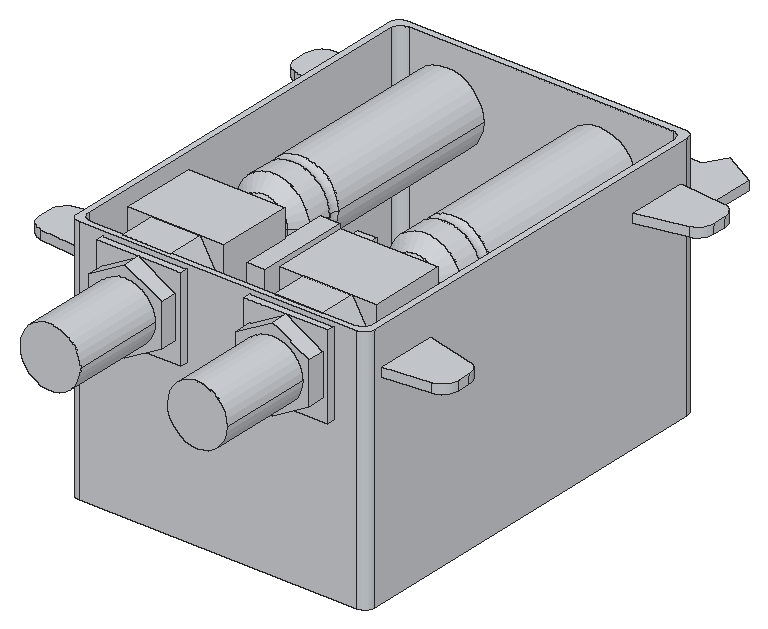
Revit family
Parameters
  Waste Connection = no
  Outlet Connector Type = ""
  Inlet Connector Type = ""
  Frame Visibility [instance] = no
  Default Elevation = 40.00"
Reference planes (in)
  plane 1 "Center (Front/Back)": y = 0
  plane 2: z = 0
  plane 3 "Center (Left/Right)": x = 0
Forms (in)
  Extrusion 1, solid, not visible
    sketch origin (0, 0, 0) x (1, 0, 0) y (0, 1, 0)
      loop
        line (-48, 48) -> (-48, -48) -> (48, -48) -> (48, 48) -> (-48, 48)
    from 0 to -12
  Extrusion 2, solid
    sketch origin (-7.70397, -2.8125, -0.625) x (1, 0, 0) y (0, 1, 0)
      loop
        line (9.74457, 5.38) -> (9.74457, 4.5495) -> (10.41144, 4.7033)
        arc (10.41144, 4.7033) -> (10.53349, 4.78027) -> (10.58107, 4.9165) r 0.2188
        line (10.58107, 4.9165) -> (10.58107, 5.0987)
        arc (10.58107, 5.0987) -> (10.52446, 5.24556) -> (10.38392, 5.31643) r 0.2188
        line (10.38392, 5.31643) -> (9.74457, 5.38)
    from 0 to 0.125
  Extrusion 3, solid
    sketch origin (7.70397, -2.8125, -0.625) x (-1, 0, 0) y (0, -1, 0)
      loop
        line (9.74457, -5.38) -> (10.38392, -5.31643)
        arc (10.38392, -5.31643) -> (10.52446, -5.24556) -> (10.58107, -5.0987) r 0.2188
        line (10.58107, -5.0987) -> (10.58107, -4.9165)
        arc (10.58107, -4.9165) -> (10.53349, -4.78027) -> (10.41144, -4.7033) r 0.2188
        line (10.41144, -4.7033) -> (9.74457, -4.5495) -> (9.74457, -5.38)
    from 0 to 0.125
  Extrusion 4, solid
    sketch origin (-7.70397, 2.8125, -0.625) x (1, 0, 0) y (0, 1, 0)
      loop
        line (9.74457, -5.38) -> (10.38392, -5.31643)
        arc (10.38392, -5.31643) -> (10.52446, -5.24556) -> (10.58107, -5.0987) r 0.2188
        line (10.58107, -5.0987) -> (10.58107, -4.9165)
        arc (10.58107, -4.9165) -> (10.53349, -4.78027) -> (10.41144, -4.7033) r 0.2188
        line (10.41144, -4.7033) -> (9.74457, -4.5495) -> (9.74457, -5.38)
    from 0 to 0.125
  Extrusion 5, solid
    sketch origin (7.70397, 2.8125, -0.625) x (-1, 0, 0) y (0, -1, 0)
      loop
        line (9.74457, 5.38) -> (9.74457, 4.5495) -> (10.41144, 4.7033)
        arc (10.41144, 4.7033) -> (10.53349, 4.78027) -> (10.58107, 4.9165) r 0.2188
        line (10.58107, 4.9165) -> (10.58107, 5.0987)
        arc (10.58107, 5.0987) -> (10.52446, 5.24556) -> (10.38392, 5.31643) r 0.2188
        line (10.38392, 5.31643) -> (9.74457, 5.38)
    from 0 to 0.125
  Extrusion 6, void
    sketch origin (0, -2.8125, -3.75) x (1, 0, 0) y (0, 1, 0)
      loop
        arc (-1.81428, 5.535) -> (-1.91067, 5.49507) -> (-1.9506, 5.39868) r 0.13632
        line (-1.9506, 5.39868) -> (-1.9506, 0.21279)
        arc (-1.9506, 0.21279) -> (-1.91067, 0.11639) -> (-1.81428, 0.07647) r 0.13632
        line (-1.81428, 0.07647) -> (1.81428, 0.07647)
        arc (1.81428, 0.07647) -> (1.91067, 0.11639) -> (1.9506, 0.21279) r 0.13632
        line (1.9506, 0.21279) -> (1.9506, 5.39868)
        arc (1.9506, 5.39868) -> (1.91067, 5.49507) -> (1.81428, 5.535) r 0.13632
        line (1.81428, 5.535) -> (-1.81428, 5.535)
    from 0.47737 to 3.75
  Extrusion 7, solid
    sketch origin (7, -2.8125, -3.75) x (1, 0, 0) y (0, 1, 0)
      loop
        arc (-8.90741, 5.625) -> (-9.00159, 5.58599) -> (-9.0406, 5.49181) r 0.13319
        line (-9.0406, 5.49181) -> (-9.0406, 0.13319)
        arc (-9.0406, 0.13319) -> (-9.00159, 0.03901) -> (-8.90741, 0) r 0.13319
        line (-8.90741, 0) -> (-5.09259, 0)
        arc (-5.09259, 0) -> (-4.99841, 0.03901) -> (-4.9594, 0.13319) r 0.13319
        line (-4.9594, 0.13319) -> (-4.9594, 5.49181)
        arc (-4.9594, 5.49181) -> (-4.99841, 5.58599) -> (-5.09259, 5.625) r 0.13319
        line (-5.09259, 5.625) -> (-8.90741, 5.625)
    from 0.33616 to 3.75
  Extrusion 8, solid
    sketch origin (7, -2.8125, -4.09216) x (1, 0, 0) y (0, 1, 0)
      loop
        line (-8.5603, 6.3475) -> (-8.7288, 6.62451) -> (-9.1936, 6.35561) -> (-9.1936, 5.62871) -> (-9.0406, 5.47571) -> (-8.85627, 5.625) -> (-5.10627, 5.625) -> (-4.95819, 5.47692) -> (-4.8064, 5.62871) -> (-4.8064, 6.35561) -> (-5.2712, 6.62451) -> (-5.4397, 6.3475) -> (-8.5603, 6.3475)
    from 3.125 to 3.25
  Extrusion 9, solid
    sketch origin (-1.75, -1.806, -2.99004) x (1, 0, 0) y (0, 0, 1)
      loop
        line (3.4606, 2.99004) -> (2.1306, 2.99004) -> (2.1306, 1.83823) -> (3.4606, 1.83823) -> (3.4606, 2.99004)
    from -0.61996 to 0.42904
  Extrusion 10, solid
    sketch origin (-1.75, -1.806, -3.43713) x (1, 0, 0) y (0, 0, 1)
      loop
        line (3.4606, 2.86123) -> (3.1281, 3.43713) -> (2.4631, 3.43713) -> (2.1306, 2.86123) -> (2.4631, 2.28532) -> (3.1281, 2.28532) -> (3.4606, 2.86123)
    from 0.42904 to 0.93004
  Extrusion 11, solid
    sketch origin (0.3029, 0, -0.77554) x (1, 0, 0) y (0, 1, 0)
      loop
        line (0.0777, -1.86103) -> (0.0777, -0.57103) -> (-0.1823, -0.57103) -> (-0.1823, -1.86103) -> (0.0777, -1.86103)
    from 0 to 0.39927
  Extrusion 12, solid
    sketch origin (1.75, -1.806, -2.99004) x (-1, 0, 0) y (0, 0, -1)
      loop
        line (3.4606, -2.99004) -> (3.4606, -1.83823) -> (2.1306, -1.83823) -> (2.1306, -2.99004) -> (3.4606, -2.99004)
    from -0.61996 to 0.42904
  Extrusion 13, solid
    sketch origin (1.75, -1.806, -3.43713) x (-1, 0, 0) y (0, 0, -1)
      loop
        line (3.4606, -2.86123) -> (3.1281, -2.28532) -> (2.4631, -2.28532) -> (2.1306, -2.86123) -> (2.4631, -3.43713) -> (3.1281, -3.43713) -> (3.4606, -2.86123)
    from 0.42904 to 0.93004
  Extrusion 14, solid
    sketch origin (-0.3029, 0, -0.77554) x (-1, 0, 0) y (0, -1, 0)
      loop
        line (0.0777, 1.86103) -> (-0.1823, 1.86103) -> (-0.1823, 0.57103) -> (0.0777, 0.57103) -> (0.0777, 1.86103)
    from 0 to 0.4
  Extrusion 15, solid
    sketch origin (-0.65625, 0, 0) x (1, 0, 0) y (0, 0, 1)
      loop
        line (0.22268, -0.0625) -> (-0.92732, -0.0625) -> (-0.92732, -1.21223) -> (0.22268, -1.21223) -> (0.22268, -0.0625)
    from 2.8125 to 2.9125
  Extrusion 16, solid
    sketch origin (0.65625, 0, 0) x (-1, 0, 0) y (0, 0, -1)
      loop
        line (0.22268, 0.0625) -> (0.22268, 1.21223) -> (-0.92732, 1.21223) -> (-0.92732, 0.0625) -> (0.22268, 0.0625)
    from 2.8125 to 2.9125
  Extrusion 17, solid
    sketch origin (0, 0, 0) x (1, 0, 0) y (0, 0, 1)
      loop
        line (-1.0117, -0.0625) -> (-1.50955, -0.34993) -> (-1.50955, -0.9248) -> (-1.0117, -1.21223) -> (-0.51385, -0.9248) -> (-0.51385, -0.34993) -> (-1.0117, -0.0625)
    from 2.9125 to 3.1475
  Extrusion 18, solid
    sketch origin (0, 0, 0) x (-1, 0, 0) y (0, 0, -1)
      loop
        line (-1.0117, 0.0625) -> (-0.51385, 0.34993) -> (-0.51385, 0.9248) -> (-1.0117, 1.21223) -> (-1.50955, 0.9248) -> (-1.50955, 0.34993) -> (-1.0117, 0.0625)
    from 2.9125 to 3.1475
  Extrusion 19, solid
    sketch origin (0, 0, 0) x (1, 0, 0) y (0, 0, 1)
      loop
        circle (-1.0117, -0.63736) r 0.4125
    from 4.42992 to 3.1475
  Extrusion 20, solid
    sketch origin (0, 0, 0) x (-1, 0, 0) y (0, 0, -1)
      loop
        circle (-1.0117, 0.63736) r 0.4125
    from 4.42992 to 3.1475
  Revolve 21, solid
    sketch origin (0, 0, -0.59375) x (1, 0, 0) y (0, 1, 0)
      loop
        line (-1.37372, -1.18603) -> (-1.0456, -1.18603) -> (-1.0456, 2.55068)
        arc (-1.0456, 2.55068) -> (-1.30667, 2.51883) -> (-1.54869, 2.41588) r 0.93975
        line (-1.54869, 2.41588) -> (-1.54869, -0.06815)
        arc (-1.54869, -0.06815) -> (-1.51935, -0.14571) -> (-1.54869, -0.22328) r 0.11721
        line (-1.54869, -0.22328) -> (-1.54869, -0.55818) -> (-1.37372, -0.73314) -> (-1.37372, -1.18603)
      axis (-1.0456, -1.18603) -> (-1.0456, 2.55068)
    angle from 0 to 360
  Revolve 22, solid
    sketch origin (0, 0, -0.59375) x (-1, 0, 0) y (0, 1, 0)
      loop
        line (-1.37372, -1.18603) -> (-1.0456, -1.18603) -> (-1.0456, 2.55068)
        arc (-1.0456, 2.55068) -> (-1.30667, 2.51883) -> (-1.54869, 2.41588) r 0.93975
        line (-1.54869, 2.41588) -> (-1.54869, -0.06815)
        arc (-1.54869, -0.06815) -> (-1.51935, -0.14571) -> (-1.54869, -0.22328) r 0.11721
        line (-1.54869, -0.22328) -> (-1.54869, -0.55818) -> (-1.37372, -0.73314) -> (-1.37372, -1.18603)
      axis (-1.0456, -1.18603) -> (-1.0456, 2.55068)
    angle from 0 to 360
  Sweep 23, solid, not visible
    path origin (0, 0, 0) x (1, 0, 0) y (0, 0, 1)
      loop
        line (-1.7174, 2.5401) -> (-1.7174, -2.5401) -> (1.7174, -2.5401) -> (1.7174, 2.5401) -> (-1.7174, 2.5401)
    profile origin (-1.7174, 0, 0) x (0, -1, 0) y (1, 0, 0)
      loop
        line (0, 0) -> (0, -1.1782) -> (0.125, -1.1782)
        arc (0.125, -1.1782) -> (0.18244, -0.8066) -> (0.29371, -0.44742) r 2.55875
        arc (0.29371, -0.44742) -> (0.35615, -0.22767) -> (0.375, 0) r 1.17785
        line (0.375, 0) -> (0, 0)
  Sweep 24, solid, visible <- "Frame Visibility"
    path origin (0, 0, 0) x (1, 0, 0) y (0, 1, 0)
      loop
        line (-1.7174, 2.5401) -> (-1.7174, -2.5401) -> (1.7174, -2.5401) -> (1.7174, 2.5401) -> (-1.7174, 2.5401)
    profile origin (-1.7174, 0, 0) x (1, 0, 0) y (0, 0, 1)
      loop
        line (0, 0) -> (0, 0.375)
        arc (0, 0.375) -> (-0.22767, 0.35615) -> (-0.44742, 0.29371) r 1.17785
        arc (-0.44742, 0.29371) -> (-0.8066, 0.18244) -> (-1.1782, 0.125) r 2.55875
        line (-1.1782, 0.125) -> (-1.1782, 0) -> (0, 0)
Cuts and joins
  Extrusion 6 cuts Extrusion 7
Lines and regions (in)
  model lines
    curve 1: circle (2.6206, 2.1725, -0.5) r 0.09 normal (0, 0, 1)
    curve 2: circle (-2.6206, 2.1725, -0.5) r 0.09 normal (0, 0, -1)
    curve 3: circle (2.6206, -2.1725, -0.5) r 0.09 normal (0, 0, -1)
    curve 4: circle (-2.6206, -2.1725, -0.5) r 0.09 normal (0, 0, 1)
    curve 5: line (-0.2884, 2.8125, -0.84216) -> (-0.2884, 3.535, -0.84216)
    curve 6: line (0.3116, 2.8125, -0.84216) -> (0.3116, 3.535, -0.84216)
    curve 7: line (0.9116, 2.8125, -0.84216) -> (0.9116, 3.535, -0.84216)
    curve 8: line (-0.8884, 2.8125, -0.84216) -> (-0.8884, 3.535, -0.84216)
    curve 9: line (-1.4884, 2.8125, -0.84216) -> (-1.4884, 3.535, -0.84216)
    curve 10: line (1.5116, 2.8125, -0.84216) -> (1.5116, 3.535, -0.84216)
    curve 11: line (-1.6414, 2.8125, -0.84216) -> (-1.6414, 3.535, -0.84216)
    curve 12: line (-1.5603, 3.535, -0.84216) -> (-1.6414, 3.535, -0.84216)
    curve 13: line (-1.6414, 3.535, -0.84216) -> (-1.70032, 3.31511, -0.84216)
    curve 14: line (-1.70032, 3.31511, -0.84216) -> (-2.1936, 3.10261, -0.84216)
    curve 15: line (1.5603, 3.535, -0.84216) -> (1.6414, 3.535, -0.84216)
    curve 16: line (1.6414, 3.535, -0.84216) -> (1.70032, 3.31511, -0.84216)
    curve 17: line (1.70032, 3.31511, -0.84216) -> (2.1936, 3.10261, -0.84216)
    curve 18: line (-1.8226, 3.55987, -0.84216) -> (-1.8226, 3.37958, -0.84216)
    curve 19: line (-1.8226, 3.37958, -0.84216) -> (-2.00154, 3.3025, -0.84216)
    curve 20: line (-2.00154, 3.3025, -0.84216) -> (-2.00154, 3.48278, -0.84216)
    curve 21: line (-1.8226, 3.55987, -0.84216) -> (-2.00154, 3.48278, -0.84216)
    curve 22: line (1.8226, 3.55987, -0.84216) -> (1.8226, 3.37958, -0.84216)
    curve 23: line (1.8226, 3.37958, -0.84216) -> (2.00154, 3.3025, -0.84216)
    curve 24: line (2.00154, 3.3025, -0.84216) -> (2.00154, 3.48278, -0.84216)
    curve 25: line (1.8226, 3.55987, -0.84216) -> (2.00154, 3.48278, -0.84216)
    curve 26: circle (-1.0456, -1.7116, 0) r 0.45 normal (0, 0, 1)
    curve 27: circle (-1.0456, -1.7116, 0) r 0.1875 normal (0, 0, 1)
    curve 28: circle (1.0456, -1.7116, 0) r 0.45 normal (0, 0, -1)
    curve 29: circle (1.0456, -1.7116, 0) r 0.1875 normal (0, 0, -1)
    curve 30: line (-0.81338, -0.22328, 0) -> (-0.81338, -0.55818, 0)
Dimensions and locks (in)
  locked: Extrusion 18 to cut or joined group of Extrusion 6, Extrusion 7 at 0.335
  locked: Extrusion 17 to cut or joined group of Extrusion 6, Extrusion 7 at 0.335
  locked: cut or joined group of Extrusion 6, Extrusion 7 to plane 1 "Center (Front/Back)" at 2.8125
  locked: cut or joined group of Extrusion 6, Extrusion 7 to cut or joined group of Extrusion 6, Extrusion 7 at 5.625
  locked: Extrusion 19 to cut or joined group of Extrusion 6, Extrusion 7 at 1.61742
  locked: Extrusion 20 to cut or joined group of Extrusion 6, Extrusion 7 at 1.61742
  aligned and locked: plane 2 to Extrusion 1
  aligned and locked: level to Extrusion 1
  aligned and locked: Extrusion 7 to Extrusion 2
  aligned: Extrusion 7 to level
  aligned and locked: Extrusion 2 to Extrusion 4
  aligned and locked: Extrusion 6 to Extrusion 7
  aligned and locked: Extrusion 9 to Extrusion 10
  aligned and locked: Extrusion 13 to Extrusion 12
  aligned and locked: cut or joined group of Extrusion 6, Extrusion 7 to Extrusion 15
  aligned and locked: Extrusion 15 to Extrusion 17
  aligned and locked: Extrusion 19 to Extrusion 17
Connectors (in)
  piping at (-1.0456, -1.71053, 0), driven by "Outlet Connector Type"
    settings: on Extrusion 12, index 1, connector radius 0.19", flow factor 0, pipe flow 0 GPM, pressure drop 0.00 psi, fitting loss kfactor 0, connector angle 0.00°, fixture units 0, flow configuration 0, flow direction 2, fitting loss method 0, system type 19, connector reference index -1, connector utility 0, adjustable connector no, is connector primary yes, fitting loss table "", connector description ""
  piping at (1.0456, -1.71053, 0), driven by "Outlet Connector Type"
    settings: on Extrusion 9, index 2, connector radius 0.19", flow factor 0, pipe flow 0 GPM, pressure drop 0.00 psi, fitting loss kfactor 0, connector angle 0.00°, fixture units 0, flow configuration 0, flow direction 2, fitting loss method 0, system type 20, connector reference index -1, connector utility 0, adjustable connector no, is connector primary no, fitting loss table "", connector description ""
  piping at (1.0117, -4.42992, -0.63736), driven by "Inlet Connector Type"
    settings: on Extrusion 20, index 5, connector radius 1/4", flow factor 0, pipe flow 0 GPM, pressure drop 0.00 psi, fitting loss kfactor 0, connector angle 0.00°, fixture units 0, flow configuration 0, flow direction 1, fitting loss method 0, system type 20, connector reference index -1, connector utility 0, adjustable connector no, is connector primary no, fitting loss table "", connector description ""
  piping at (-1.0117, -4.42992, -0.63736), driven by "Inlet Connector Type"
    settings: on Extrusion 19, index 6, connector radius 1/4", flow factor 0, pipe flow 0 GPM, pressure drop 0.00 psi, fitting loss kfactor 0, connector angle 0.00°, fixture units 0, flow configuration 0, flow direction 1, fitting loss method 0, system type 19, connector reference index -1, connector utility 0, adjustable connector no, is connector primary no, fitting loss table "", connector description ""
